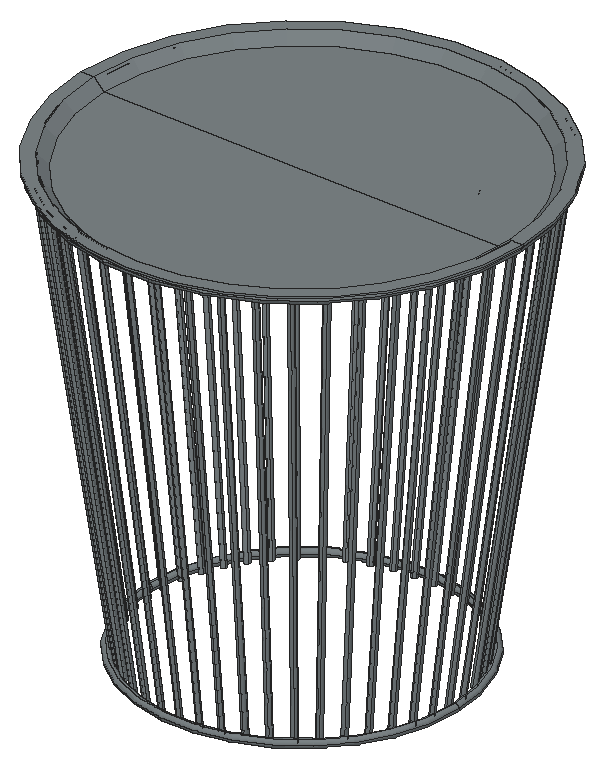
Revit family "FU_Table_Sandler_Noodle 8-2", category Furniture, Revit 2020
Family settings
  OmniClass Number = 23.40.20.00
  OmniClass Title = General Furniture and Specialties
  Work Plane-Based = No
  Always vertical = Yes
  Cut with Voids When Loaded = No
  Shared = No
  Room Calculation Point = No
Parameters (values of type "Noodle 8.2")
  Width = 420 mm
  URL = "https://www.sandlerseating.com/product/noodle-8-2/"
  Model = "Noodle 8.2"
  Manufacturer = "Sandler"
  Height = 420 mm
  Frame [instance] = Metal - Paint -AL VR - Anthracite Grey
  Description = "Coffee table with a steel sheet table top on a steel frame. Suitable for outdoor use with AC VR outdoor colours."
  Depth = 420 mm
  Default Elevation = 0 mm
Reference planes
  plane 1 "Center (Front/Back)": y = 0
  plane 2: z = 0
  plane 3 "Center (Left/Right)": x = 0
  plane 4 "Right": x = -210
  plane 5 "Left": x = 210
  plane 6 "Back": y = 210
  plane 7 "Front": y = -210
  plane 8 "Height": z = 420
  plane 9 "Top Base": z = 408.5
  plane 10 "Top Ring H FRONT": z = 415.018
  plane 11 "Top Ring RAD FRONT": x = -205.25
  plane 12 "Base Ring H FRONT": z = 3.5
  plane 13 "Left Rod FRONT": through (139.885, -1524, 4.067) normal (-0.9896, 0, 0.1436)
Forms (mm)
  Revolve 1, solid, material "Metal - Paint -AL VR - Anthracite Grey" <- "Frame"
    sketch origin (0, 0, 0) x (1, 0, 0) y (0, 0, 1)
      loop
        line (0, 408.642) -> (0, 410.642) -> (-188.337, 410.642) -> (-197.695, 420) -> (-210, 420) -> (-210, 418.505) -> (-198.061, 418.505) -> (-188.198, 408.642) -> (0, 408.642)
      axis (0, 420) -> (0, 408.642)
    angle from 0 to 360
  Sweep 2, solid, material "Metal - Paint -AL VR - Anthracite Grey" <- "Frame"
    path origin (0, 0, 415.018) x (-1, 0, 0) y (0, -1, 0)
      loop
        circle (0, 0) r 205.25
    profile "Pro_Circles : 06mm" origin (0, -205.25, 415.018) x (0, 1, 0) y (0, 0, 1)
      loop
        arc (-2.967, 0.067) -> (-2.167, -2.07) -> (-0.069, -2.967) r 2.901
        arc (-0.069, -2.967) -> (2.119, -2.121) -> (2.967, 0.067) r 2.904
        arc (2.967, 0.067) -> (2.07, 2.165) -> (-0.067, 2.967) r 2.903
        arc (-0.067, 2.967) -> (-2.117, 2.117) -> (-2.967, 0.067) r 2.9
  Extrusion 3, solid, material "Metal - Paint -AL VR - Anthracite Grey" <- "Frame"
    sketch origin (0, 0, 408.5) x (-1, 0, 0) y (0, -1, 0)
      loop
        circle (0, 0) r 136
    from 0 to -5
  Sweep 4, solid, material "Metal - Paint -AL VR - Anthracite Grey" <- "Frame"
    path origin (0, 0, 3.5) x (-1, 0, 0) y (0, -1, 0)
      loop
        circle (0, 0) r 145.756
    profile "Pro_Circles : 07mm" origin (0, -145.756, 3.5) x (0, 1, 0) y (0, 0, 1)
      loop
        arc (-3.467, 0.067) -> (-2.52, -2.424) -> (-0.069, -3.467) r 3.401
        arc (-0.069, -3.467) -> (2.472, -2.474) -> (3.467, 0.067) r 3.403
        arc (3.467, 0.067) -> (2.424, 2.519) -> (-0.067, 3.467) r 3.402
        arc (-0.067, 3.467) -> (-2.471, 2.471) -> (-3.467, 0.067) r 3.4
  Sweep 5, solid, material "Metal - Paint -AL VR - Anthracite Grey" <- "Frame"
    path origin (0, 0, 0) x (1, 0, 0) y (0, 0, 1)
      loop
        line (139.45, 1.071) -> (199.933, 417.984)
    profile "Pro_Circles : 05mm" origin (169.692, 0, 209.528) x (-0.98964, 0, 0.143569) y (0, -1, 0)
      loop
        arc (-2.467, 0.067) -> (-1.814, -1.716) -> (-0.07, -2.467) r 2.401
        arc (-0.07, -2.467) -> (1.766, -1.768) -> (2.467, 0.067) r 2.404
        arc (2.467, 0.067) -> (1.717, 1.812) -> (-0.067, 2.467) r 2.403
        arc (-0.067, 2.467) -> (-1.764, 1.764) -> (-2.467, 0.067) r 2.4
  Sweep 6, solid, material "Metal - Paint -AL VR - Anthracite Grey" <- "Frame"
    path origin (0, 0, 0) x (0.991076, 0.133294, 0) y (0, 0, 1)
      loop
        line (139.45, 1.071) -> (199.933, 417.984)
    profile "Pro_Circles : 05mm" origin (168.177, 22.619, 209.528) x (-0.980809, -0.131913, 0.143569) y (0.133294, -0.991076, 0)
      loop
        arc (-2.467, 0.067) -> (-1.814, -1.716) -> (-0.07, -2.467) r 2.401
        arc (-0.07, -2.467) -> (1.766, -1.768) -> (2.467, 0.067) r 2.404
        arc (2.467, 0.067) -> (1.717, 1.812) -> (-0.067, 2.467) r 2.403
        arc (-0.067, 2.467) -> (-1.764, 1.764) -> (-2.467, 0.067) r 2.4
  Sweep 7, solid, material "Metal - Paint -AL VR - Anthracite Grey" <- "Frame"
    path origin (0, 0, 0) x (0.964465, 0.26421, 0) y (0, 0, 1)
      loop
        line (139.45, 1.071) -> (199.933, 417.984)
    profile "Pro_Circles : 05mm" origin (163.662, 44.834, 209.528) x (-0.954474, -0.261473, 0.143569) y (0.26421, -0.964465, 0)
      loop
        arc (-2.467, 0.067) -> (-1.814, -1.716) -> (-0.07, -2.467) r 2.401
        arc (-0.07, -2.467) -> (1.766, -1.768) -> (2.467, 0.067) r 2.404
        arc (2.467, 0.067) -> (1.717, 1.812) -> (-0.067, 2.467) r 2.403
        arc (-0.067, 2.467) -> (-1.764, 1.764) -> (-2.467, 0.067) r 2.4
  Sweep 8, solid, material "Metal - Paint -AL VR - Anthracite Grey" <- "Frame"
    path origin (0, 0, 0) x (0.920641, 0.39041, 0) y (0, 0, 1)
      loop
        line (139.45, 1.071) -> (199.933, 417.984)
    profile "Pro_Circles : 05mm" origin (156.225, 66.249, 209.528) x (-0.911104, -0.386365, 0.143569) y (0.39041, -0.920641, 0)
      loop
        arc (-2.467, 0.067) -> (-1.814, -1.716) -> (-0.07, -2.467) r 2.401
        arc (-0.07, -2.467) -> (1.766, -1.768) -> (2.467, 0.067) r 2.404
        arc (2.467, 0.067) -> (1.717, 1.812) -> (-0.067, 2.467) r 2.403
        arc (-0.067, 2.467) -> (-1.764, 1.764) -> (-2.467, 0.067) r 2.4
  Sweep 9, solid, material "Metal - Paint -AL VR - Anthracite Grey" <- "Frame"
    path origin (0, 0, 0) x (0.860386, 0.509642, 0) y (0, 0, 1)
      loop
        line (139.45, 1.071) -> (199.933, 417.984)
    profile "Pro_Circles : 05mm" origin (146, 86.482, 209.528) x (-0.851473, -0.504362, 0.143569) y (0.509642, -0.860386, 0)
      loop
        arc (-2.467, 0.067) -> (-1.814, -1.716) -> (-0.07, -2.467) r 2.401
        arc (-0.07, -2.467) -> (1.766, -1.768) -> (2.467, 0.067) r 2.404
        arc (2.467, 0.067) -> (1.717, 1.812) -> (-0.067, 2.467) r 2.403
        arc (-0.067, 2.467) -> (-1.764, 1.764) -> (-2.467, 0.067) r 2.4
  Sweep 10, solid, material "Metal - Paint -AL VR - Anthracite Grey" <- "Frame"
    path origin (0, 0, 0) x (0.784776, 0.619779, 0) y (0, 0, 1)
      loop
        line (139.45, 1.071) -> (199.933, 417.984)
    profile "Pro_Circles : 05mm" origin (133.17, 105.171, 209.528) x (-0.776646, -0.613358, 0.143569) y (0.619779, -0.784776, 0)
      loop
        arc (-2.467, 0.067) -> (-1.814, -1.716) -> (-0.07, -2.467) r 2.401
        arc (-0.07, -2.467) -> (1.766, -1.768) -> (2.467, 0.067) r 2.404
        arc (2.467, 0.067) -> (1.717, 1.812) -> (-0.067, 2.467) r 2.403
        arc (-0.067, 2.467) -> (-1.764, 1.764) -> (-2.467, 0.067) r 2.4
  Sweep 11, solid, material "Metal - Paint -AL VR - Anthracite Grey" <- "Frame"
    path origin (0, 0, 0) x (0.69516, 0.718855, 0) y (0, 0, 1)
      loop
        line (139.45, 1.071) -> (199.933, 417.984)
    profile "Pro_Circles : 05mm" origin (117.963, 121.984, 209.528) x (-0.687959, -0.711408, 0.143569) y (0.718855, -0.69516, 0)
      loop
        arc (-2.467, 0.067) -> (-1.814, -1.716) -> (-0.07, -2.467) r 2.401
        arc (-0.07, -2.467) -> (1.766, -1.768) -> (2.467, 0.067) r 2.404
        arc (2.467, 0.067) -> (1.717, 1.812) -> (-0.067, 2.467) r 2.403
        arc (-0.067, 2.467) -> (-1.764, 1.764) -> (-2.467, 0.067) r 2.4
  Sweep 12, solid, material "Metal - Paint -AL VR - Anthracite Grey" <- "Frame"
    path origin (0, 0, 0) x (0.593138, 0.805101, 0) y (0, 0, 1)
      loop
        line (139.45, 1.071) -> (199.933, 417.984)
    profile "Pro_Circles : 05mm" origin (100.651, 136.619, 209.528) x (-0.586993, -0.79676, 0.143569) y (0.805101, -0.593138, 0)
      loop
        arc (-2.467, 0.067) -> (-1.814, -1.716) -> (-0.07, -2.467) r 2.401
        arc (-0.07, -2.467) -> (1.766, -1.768) -> (2.467, 0.067) r 2.404
        arc (2.467, 0.067) -> (1.717, 1.812) -> (-0.067, 2.467) r 2.403
        arc (-0.067, 2.467) -> (-1.764, 1.764) -> (-2.467, 0.067) r 2.4
  Sweep 13, solid, material "Metal - Paint -AL VR - Anthracite Grey" <- "Frame"
    path origin (0, 0, 0) x (0.48053, 0.876978, 0) y (0, 0, 1)
      loop
        line (139.45, 1.071) -> (199.933, 417.984)
    profile "Pro_Circles : 05mm" origin (81.542, 148.816, 209.528) x (-0.475552, -0.867893, 0.143569) y (0.876978, -0.48053, 0)
      loop
        arc (-2.467, 0.067) -> (-1.814, -1.716) -> (-0.07, -2.467) r 2.401
        arc (-0.07, -2.467) -> (1.766, -1.768) -> (2.467, 0.067) r 2.404
        arc (2.467, 0.067) -> (1.717, 1.812) -> (-0.067, 2.467) r 2.403
        arc (-0.067, 2.467) -> (-1.764, 1.764) -> (-2.467, 0.067) r 2.4
  Sweep 14, solid, material "Metal - Paint -AL VR - Anthracite Grey" <- "Frame"
    path origin (0, 0, 0) x (0.359345, 0.933205, 0) y (0, 0, 1)
      loop
        line (139.45, 1.071) -> (199.933, 417.984)
    profile "Pro_Circles : 05mm" origin (60.978, 158.357, 209.528) x (-0.355623, -0.923537, 0.143569) y (0.933205, -0.359345, 0)
      loop
        arc (-2.467, 0.067) -> (-1.814, -1.716) -> (-0.07, -2.467) r 2.401
        arc (-0.07, -2.467) -> (1.766, -1.768) -> (2.467, 0.067) r 2.404
        arc (2.467, 0.067) -> (1.717, 1.812) -> (-0.067, 2.467) r 2.403
        arc (-0.067, 2.467) -> (-1.764, 1.764) -> (-2.467, 0.067) r 2.4
  Sweep 15, solid, material "Metal - Paint -AL VR - Anthracite Grey" <- "Frame"
    path origin (0, 0, 0) x (0.231748, 0.972776, 0) y (0, 0, 1)
      loop
        line (139.45, 1.071) -> (199.933, 417.984)
    profile "Pro_Circles : 05mm" origin (39.326, 165.072, 209.528) x (-0.229347, -0.962698, 0.143569) y (0.972776, -0.231748, 0)
      loop
        arc (-2.467, 0.067) -> (-1.814, -1.716) -> (-0.07, -2.467) r 2.401
        arc (-0.07, -2.467) -> (1.766, -1.768) -> (2.467, 0.067) r 2.404
        arc (2.467, 0.067) -> (1.717, 1.812) -> (-0.067, 2.467) r 2.403
        arc (-0.067, 2.467) -> (-1.764, 1.764) -> (-2.467, 0.067) r 2.4
  Sweep 16, solid, material "Metal - Paint -AL VR - Anthracite Grey" <- "Frame"
    path origin (0, 0, 0) x (0.100014, 0.994986, 0) y (0, 0, 1)
      loop
        line (139.45, 1.071) -> (199.933, 417.984)
    profile "Pro_Circles : 05mm" origin (16.972, 168.841, 209.528) x (-0.098978, -0.984678, 0.143569) y (0.994986, -0.100014, 0)
      loop
        arc (-2.467, 0.067) -> (-1.814, -1.716) -> (-0.07, -2.467) r 2.401
        arc (-0.07, -2.467) -> (1.766, -1.768) -> (2.467, 0.067) r 2.404
        arc (2.467, 0.067) -> (1.717, 1.812) -> (-0.067, 2.467) r 2.403
        arc (-0.067, 2.467) -> (-1.764, 1.764) -> (-2.467, 0.067) r 2.4
  Sweep 17, solid, material "Metal - Paint -AL VR - Anthracite Grey" <- "Frame"
    path origin (0, 0, 0) x (-0.033504, 0.999439, 0) y (0, 0, 1)
      loop
        line (139.45, 1.071) -> (199.933, 417.984)
    profile "Pro_Circles : 05mm" origin (-5.685, 169.596, 209.528) x (0.033157, -0.989085, 0.143569) y (0.999439, 0.033504, 0)
      loop
        arc (-2.467, 0.067) -> (-1.814, -1.716) -> (-0.07, -2.467) r 2.401
        arc (-0.07, -2.467) -> (1.766, -1.768) -> (2.467, 0.067) r 2.404
        arc (2.467, 0.067) -> (1.717, 1.812) -> (-0.067, 2.467) r 2.403
        arc (-0.067, 2.467) -> (-1.764, 1.764) -> (-2.467, 0.067) r 2.4
  Sweep 18, solid, material "Metal - Paint -AL VR - Anthracite Grey" <- "Frame"
    path origin (0, 0, 0) x (-0.166425, 0.986054, 0) y (0, 0, 1)
      loop
        line (139.45, 1.071) -> (199.933, 417.984)
    profile "Pro_Circles : 05mm" origin (-28.241, 167.325, 209.528) x (0.1647, -0.975839, 0.143569) y (0.986054, 0.166425, 0)
      loop
        arc (-2.467, 0.067) -> (-1.814, -1.716) -> (-0.07, -2.467) r 2.401
        arc (-0.07, -2.467) -> (1.766, -1.768) -> (2.467, 0.067) r 2.404
        arc (2.467, 0.067) -> (1.717, 1.812) -> (-0.067, 2.467) r 2.403
        arc (-0.067, 2.467) -> (-1.764, 1.764) -> (-2.467, 0.067) r 2.4
  Sweep 19, solid, material "Metal - Paint -AL VR - Anthracite Grey" <- "Frame"
    path origin (0, 0, 0) x (-0.296375, 0.955072, 0) y (0, 0, 1)
      loop
        line (139.45, 1.071) -> (199.933, 417.984)
    profile "Pro_Circles : 05mm" origin (-50.292, 162.068, 209.528) x (0.293305, -0.945177, 0.143569) y (0.955072, 0.296375, 0)
      loop
        arc (-2.467, 0.067) -> (-1.814, -1.716) -> (-0.07, -2.467) r 2.401
        arc (-0.07, -2.467) -> (1.766, -1.768) -> (2.467, 0.067) r 2.404
        arc (2.467, 0.067) -> (1.717, 1.812) -> (-0.067, 2.467) r 2.403
        arc (-0.067, 2.467) -> (-1.764, 1.764) -> (-2.467, 0.067) r 2.4
  Sweep 20, solid, material "Metal - Paint -AL VR - Anthracite Grey" <- "Frame"
    path origin (0, 0, 0) x (-0.421036, 0.907044, 0) y (0, 0, 1)
      loop
        line (139.45, 1.071) -> (199.933, 417.984)
    profile "Pro_Circles : 05mm" origin (-71.446, 153.918, 209.528) x (0.416674, -0.897647, 0.143569) y (0.907044, 0.421036, 0)
      loop
        arc (-2.467, 0.067) -> (-1.814, -1.716) -> (-0.07, -2.467) r 2.401
        arc (-0.07, -2.467) -> (1.766, -1.768) -> (2.467, 0.067) r 2.404
        arc (2.467, 0.067) -> (1.717, 1.812) -> (-0.067, 2.467) r 2.403
        arc (-0.067, 2.467) -> (-1.764, 1.764) -> (-2.467, 0.067) r 2.4
  Sweep 21, solid, material "Metal - Paint -AL VR - Anthracite Grey" <- "Frame"
    path origin (0, 0, 0) x (-0.538183, 0.842828, 0) y (0, 0, 1)
      loop
        line (139.45, 1.071) -> (199.933, 417.984)
    profile "Pro_Circles : 05mm" origin (-91.325, 143.021, 209.528) x (0.532607, -0.834097, 0.143569) y (0.842828, 0.538183, 0)
      loop
        arc (-2.467, 0.067) -> (-1.814, -1.716) -> (-0.07, -2.467) r 2.401
        arc (-0.07, -2.467) -> (1.766, -1.768) -> (2.467, 0.067) r 2.404
        arc (2.467, 0.067) -> (1.717, 1.812) -> (-0.067, 2.467) r 2.403
        arc (-0.067, 2.467) -> (-1.764, 1.764) -> (-2.467, 0.067) r 2.4
  Sweep 22, solid, material "Metal - Paint -AL VR - Anthracite Grey" <- "Frame"
    path origin (0, 0, 0) x (-0.645724, 0.763571, 0) y (0, 0, 1)
      loop
        line (139.45, 1.071) -> (199.933, 417.984)
    profile "Pro_Circles : 05mm" origin (-109.574, 129.572, 209.528) x (0.639035, -0.75566, 0.143569) y (0.763571, 0.645724, 0)
      loop
        arc (-2.467, 0.067) -> (-1.814, -1.716) -> (-0.07, -2.467) r 2.401
        arc (-0.07, -2.467) -> (1.766, -1.768) -> (2.467, 0.067) r 2.404
        arc (2.467, 0.067) -> (1.717, 1.812) -> (-0.067, 2.467) r 2.403
        arc (-0.067, 2.467) -> (-1.764, 1.764) -> (-2.467, 0.067) r 2.4
  Sweep 23, solid, material "Metal - Paint -AL VR - Anthracite Grey" <- "Frame"
    path origin (0, 0, 0) x (-0.741742, 0.670686, 0) y (0, 0, 1)
      loop
        line (139.45, 1.071) -> (199.933, 417.984)
    profile "Pro_Circles : 05mm" origin (-125.867, 113.81, 209.528) x (0.734058, -0.663737, 0.143569) y (0.670686, 0.741742, 0)
      loop
        arc (-2.467, 0.067) -> (-1.814, -1.716) -> (-0.07, -2.467) r 2.401
        arc (-0.07, -2.467) -> (1.766, -1.768) -> (2.467, 0.067) r 2.404
        arc (2.467, 0.067) -> (1.717, 1.812) -> (-0.067, 2.467) r 2.403
        arc (-0.067, 2.467) -> (-1.764, 1.764) -> (-2.467, 0.067) r 2.4
  Sweep 24, solid, material "Metal - Paint -AL VR - Anthracite Grey" <- "Frame"
    path origin (0, 0, 0) x (-0.824521, 0.565831, 0) y (0, 0, 1)
      loop
        line (139.45, 1.071) -> (199.933, 417.984)
    profile "Pro_Circles : 05mm" origin (-139.914, 96.017, 209.528) x (0.81598, -0.559969, 0.143569) y (0.565831, 0.824521, 0)
      loop
        arc (-2.467, 0.067) -> (-1.814, -1.716) -> (-0.07, -2.467) r 2.401
        arc (-0.07, -2.467) -> (1.766, -1.768) -> (2.467, 0.067) r 2.404
        arc (2.467, 0.067) -> (1.717, 1.812) -> (-0.067, 2.467) r 2.403
        arc (-0.067, 2.467) -> (-1.764, 1.764) -> (-2.467, 0.067) r 2.4
  Sweep 25, solid, material "Metal - Paint -AL VR - Anthracite Grey" <- "Frame"
    path origin (0, 0, 0) x (-0.892586, 0.450878, 0) y (0, 0, 1)
      loop
        line (139.45, 1.071) -> (199.933, 417.984)
    profile "Pro_Circles : 05mm" origin (-151.464, 76.51, 209.528) x (0.883339, -0.446207, 0.143569) y (0.450878, 0.892586, 0)
      loop
        arc (-2.467, 0.067) -> (-1.814, -1.716) -> (-0.07, -2.467) r 2.401
        arc (-0.07, -2.467) -> (1.766, -1.768) -> (2.467, 0.067) r 2.404
        arc (2.467, 0.067) -> (1.717, 1.812) -> (-0.067, 2.467) r 2.403
        arc (-0.067, 2.467) -> (-1.764, 1.764) -> (-2.467, 0.067) r 2.4
  Sweep 26, solid, material "Metal - Paint -AL VR - Anthracite Grey" <- "Frame"
    path origin (0, 0, 0) x (-0.94472, 0.327878, 0) y (0, 0, 1)
      loop
        line (139.45, 1.071) -> (199.933, 417.984)
    profile "Pro_Circles : 05mm" origin (-160.311, 55.638, 209.528) x (0.934933, -0.324481, 0.143569) y (0.327878, 0.94472, 0)
      loop
        arc (-2.467, 0.067) -> (-1.814, -1.716) -> (-0.07, -2.467) r 2.401
        arc (-0.07, -2.467) -> (1.766, -1.768) -> (2.467, 0.067) r 2.404
        arc (2.467, 0.067) -> (1.717, 1.812) -> (-0.067, 2.467) r 2.403
        arc (-0.067, 2.467) -> (-1.764, 1.764) -> (-2.467, 0.067) r 2.4
  Sweep 27, solid, material "Metal - Paint -AL VR - Anthracite Grey" <- "Frame"
    path origin (0, 0, 0) x (-0.979994, 0.199026, 0) y (0, 0, 1)
      loop
        line (139.45, 1.071) -> (199.933, 417.984)
    profile "Pro_Circles : 05mm" origin (-166.297, 33.773, 209.528) x (0.969842, -0.196964, 0.143569) y (0.199026, 0.979994, 0)
      loop
        arc (-2.467, 0.067) -> (-1.814, -1.716) -> (-0.07, -2.467) r 2.401
        arc (-0.07, -2.467) -> (1.766, -1.768) -> (2.467, 0.067) r 2.404
        arc (2.467, 0.067) -> (1.717, 1.812) -> (-0.067, 2.467) r 2.403
        arc (-0.067, 2.467) -> (-1.764, 1.764) -> (-2.467, 0.067) r 2.4
  Sweep 28, solid, material "Metal - Paint -AL VR - Anthracite Grey" <- "Frame"
    path origin (0, 0, 0) x (-0.997778, 0.066622, 0) y (0, 0, 1)
      loop
        line (139.45, 1.071) -> (199.933, 417.984)
    profile "Pro_Circles : 05mm" origin (-169.315, 11.305, 209.528) x (0.987442, -0.065932, 0.143569) y (0.066622, 0.997778, 0)
      loop
        arc (-2.467, 0.067) -> (-1.814, -1.716) -> (-0.07, -2.467) r 2.401
        arc (-0.07, -2.467) -> (1.766, -1.768) -> (2.467, 0.067) r 2.404
        arc (2.467, 0.067) -> (1.717, 1.812) -> (-0.067, 2.467) r 2.403
        arc (-0.067, 2.467) -> (-1.764, 1.764) -> (-2.467, 0.067) r 2.4
  Sweep 29, solid, material "Metal - Paint -AL VR - Anthracite Grey" <- "Frame"
    path origin (0, 0, 0) x (-0.997755, -0.06697, 0) y (0, 0, 1)
      loop
        line (139.45, 1.071) -> (199.933, 417.984)
    profile "Pro_Circles : 05mm" origin (-169.311, -11.364, 209.528) x (0.987419, 0.066277, 0.143569) y (-0.06697, 0.997755, 0)
      loop
        arc (-2.467, 0.067) -> (-1.814, -1.716) -> (-0.07, -2.467) r 2.401
        arc (-0.07, -2.467) -> (1.766, -1.768) -> (2.467, 0.067) r 2.404
        arc (2.467, 0.067) -> (1.717, 1.812) -> (-0.067, 2.467) r 2.403
        arc (-0.067, 2.467) -> (-1.764, 1.764) -> (-2.467, 0.067) r 2.4
  Sweep 30, solid, material "Metal - Paint -AL VR - Anthracite Grey" <- "Frame"
    path origin (0, 0, 0) x (-0.979925, -0.199368, 0) y (0, 0, 1)
      loop
        line (139.45, 1.071) -> (199.933, 417.984)
    profile "Pro_Circles : 05mm" origin (-166.285, -33.831, 209.528) x (0.969773, 0.197303, 0.143569) y (-0.199368, 0.979925, 0)
      loop
        arc (-2.467, 0.067) -> (-1.814, -1.716) -> (-0.07, -2.467) r 2.401
        arc (-0.07, -2.467) -> (1.766, -1.768) -> (2.467, 0.067) r 2.404
        arc (2.467, 0.067) -> (1.717, 1.812) -> (-0.067, 2.467) r 2.403
        arc (-0.067, 2.467) -> (-1.764, 1.764) -> (-2.467, 0.067) r 2.4
  Sweep 31, solid, material "Metal - Paint -AL VR - Anthracite Grey" <- "Frame"
    path origin (0, 0, 0) x (-0.944606, -0.328207, 0) y (0, 0, 1)
      loop
        line (139.45, 1.071) -> (199.933, 417.984)
    profile "Pro_Circles : 05mm" origin (-160.292, -55.694, 209.528) x (0.93482, 0.324807, 0.143569) y (-0.328207, 0.944606, 0)
      loop
        arc (-2.467, 0.067) -> (-1.814, -1.716) -> (-0.07, -2.467) r 2.401
        arc (-0.07, -2.467) -> (1.766, -1.768) -> (2.467, 0.067) r 2.404
        arc (2.467, 0.067) -> (1.717, 1.812) -> (-0.067, 2.467) r 2.403
        arc (-0.067, 2.467) -> (-1.764, 1.764) -> (-2.467, 0.067) r 2.4
  Sweep 32, solid, material "Metal - Paint -AL VR - Anthracite Grey" <- "Frame"
    path origin (0, 0, 0) x (-0.892428, -0.451189, 0) y (0, 0, 1)
      loop
        line (139.45, 1.071) -> (199.933, 417.984)
    profile "Pro_Circles : 05mm" origin (-151.438, -76.563, 209.528) x (0.883183, 0.446515, 0.143569) y (-0.451189, 0.892428, 0)
      loop
        arc (-2.467, 0.067) -> (-1.814, -1.716) -> (-0.07, -2.467) r 2.401
        arc (-0.07, -2.467) -> (1.766, -1.768) -> (2.467, 0.067) r 2.404
        arc (2.467, 0.067) -> (1.717, 1.812) -> (-0.067, 2.467) r 2.403
        arc (-0.067, 2.467) -> (-1.764, 1.764) -> (-2.467, 0.067) r 2.4
  Sweep 33, solid, material "Metal - Paint -AL VR - Anthracite Grey" <- "Frame"
    path origin (0, 0, 0) x (-0.824324, -0.566119, 0) y (0, 0, 1)
      loop
        line (139.45, 1.071) -> (199.933, 417.984)
    profile "Pro_Circles : 05mm" origin (-139.881, -96.066, 209.528) x (0.815784, 0.560254, 0.143569) y (-0.566119, 0.824324, 0)
      loop
        arc (-2.467, 0.067) -> (-1.814, -1.716) -> (-0.07, -2.467) r 2.401
        arc (-0.07, -2.467) -> (1.766, -1.768) -> (2.467, 0.067) r 2.404
        arc (2.467, 0.067) -> (1.717, 1.812) -> (-0.067, 2.467) r 2.403
        arc (-0.067, 2.467) -> (-1.764, 1.764) -> (-2.467, 0.067) r 2.4
  Sweep 34, solid, material "Metal - Paint -AL VR - Anthracite Grey" <- "Frame"
    path origin (0, 0, 0) x (-0.741508, -0.670944, 0) y (0, 0, 1)
      loop
        line (139.45, 1.071) -> (199.933, 417.984)
    profile "Pro_Circles : 05mm" origin (-125.828, -113.854, 209.528) x (0.733826, 0.663994, 0.143569) y (-0.670944, 0.741508, 0)
      loop
        arc (-2.467, 0.067) -> (-1.814, -1.716) -> (-0.07, -2.467) r 2.401
        arc (-0.07, -2.467) -> (1.766, -1.768) -> (2.467, 0.067) r 2.404
        arc (2.467, 0.067) -> (1.717, 1.812) -> (-0.067, 2.467) r 2.403
        arc (-0.067, 2.467) -> (-1.764, 1.764) -> (-2.467, 0.067) r 2.4
  Sweep 35, solid, material "Metal - Paint -AL VR - Anthracite Grey" <- "Frame"
    path origin (0, 0, 0) x (-0.645458, -0.763796, 0) y (0, 0, 1)
      loop
        line (139.45, 1.071) -> (199.933, 417.984)
    profile "Pro_Circles : 05mm" origin (-109.529, -129.61, 209.528) x (0.638771, 0.755883, 0.143569) y (-0.763796, 0.645458, 0)
      loop
        arc (-2.467, 0.067) -> (-1.814, -1.716) -> (-0.07, -2.467) r 2.401
        arc (-0.07, -2.467) -> (1.766, -1.768) -> (2.467, 0.067) r 2.404
        arc (2.467, 0.067) -> (1.717, 1.812) -> (-0.067, 2.467) r 2.403
        arc (-0.067, 2.467) -> (-1.764, 1.764) -> (-2.467, 0.067) r 2.4
  Sweep 36, solid, material "Metal - Paint -AL VR - Anthracite Grey" <- "Frame"
    path origin (0, 0, 0) x (-0.537888, -0.843016, 0) y (0, 0, 1)
      loop
        line (139.45, 1.071) -> (199.933, 417.984)
    profile "Pro_Circles : 05mm" origin (-91.275, -143.053, 209.528) x (0.532316, 0.834283, 0.143569) y (-0.843016, 0.537888, 0)
      loop
        arc (-2.467, 0.067) -> (-1.814, -1.716) -> (-0.07, -2.467) r 2.401
        arc (-0.07, -2.467) -> (1.766, -1.768) -> (2.467, 0.067) r 2.404
        arc (2.467, 0.067) -> (1.717, 1.812) -> (-0.067, 2.467) r 2.403
        arc (-0.067, 2.467) -> (-1.764, 1.764) -> (-2.467, 0.067) r 2.4
  Sweep 37, solid, material "Metal - Paint -AL VR - Anthracite Grey" <- "Frame"
    path origin (0, 0, 0) x (-0.420719, -0.907191, 0) y (0, 0, 1)
      loop
        line (139.45, 1.071) -> (199.933, 417.984)
    profile "Pro_Circles : 05mm" origin (-71.393, -153.943, 209.528) x (0.416361, 0.897793, 0.143569) y (-0.907191, 0.420719, 0)
      loop
        arc (-2.467, 0.067) -> (-1.814, -1.716) -> (-0.07, -2.467) r 2.401
        arc (-0.07, -2.467) -> (1.766, -1.768) -> (2.467, 0.067) r 2.404
        arc (2.467, 0.067) -> (1.717, 1.812) -> (-0.067, 2.467) r 2.403
        arc (-0.067, 2.467) -> (-1.764, 1.764) -> (-2.467, 0.067) r 2.4
  Sweep 38, solid, material "Metal - Paint -AL VR - Anthracite Grey" <- "Frame"
    path origin (0, 0, 0) x (-0.296041, -0.955175, 0) y (0, 0, 1)
      loop
        line (139.45, 1.071) -> (199.933, 417.984)
    profile "Pro_Circles : 05mm" origin (-50.236, -162.085, 209.528) x (0.292975, 0.94528, 0.143569) y (-0.955175, 0.296041, 0)
      loop
        arc (-2.467, 0.067) -> (-1.814, -1.716) -> (-0.07, -2.467) r 2.401
        arc (-0.07, -2.467) -> (1.766, -1.768) -> (2.467, 0.067) r 2.404
        arc (2.467, 0.067) -> (1.717, 1.812) -> (-0.067, 2.467) r 2.403
        arc (-0.067, 2.467) -> (-1.764, 1.764) -> (-2.467, 0.067) r 2.4
  Sweep 39, solid, material "Metal - Paint -AL VR - Anthracite Grey" <- "Frame"
    path origin (0, 0, 0) x (-0.16608, -0.986112, 0) y (0, 0, 1)
      loop
        line (139.45, 1.071) -> (199.933, 417.984)
    profile "Pro_Circles : 05mm" origin (-28.182, -167.335, 209.528) x (0.16436, 0.975896, 0.143569) y (-0.986112, 0.16608, 0)
      loop
        arc (-2.467, 0.067) -> (-1.814, -1.716) -> (-0.07, -2.467) r 2.401
        arc (-0.07, -2.467) -> (1.766, -1.768) -> (2.467, 0.067) r 2.404
        arc (2.467, 0.067) -> (1.717, 1.812) -> (-0.067, 2.467) r 2.403
        arc (-0.067, 2.467) -> (-1.764, 1.764) -> (-2.467, 0.067) r 2.4
  Sweep 40, solid, material "Metal - Paint -AL VR - Anthracite Grey" <- "Frame"
    path origin (0, 0, 0) x (-0.033155, -0.99945, 0) y (0, 0, 1)
      loop
        line (139.45, 1.071) -> (199.933, 417.984)
    profile "Pro_Circles : 05mm" origin (-5.626, -169.598, 209.528) x (0.032812, 0.989096, 0.143569) y (-0.99945, 0.033155, 0)
      loop
        arc (-2.467, 0.067) -> (-1.814, -1.716) -> (-0.07, -2.467) r 2.401
        arc (-0.07, -2.467) -> (1.766, -1.768) -> (2.467, 0.067) r 2.404
        arc (2.467, 0.067) -> (1.717, 1.812) -> (-0.067, 2.467) r 2.403
        arc (-0.067, 2.467) -> (-1.764, 1.764) -> (-2.467, 0.067) r 2.4
  Sweep 41, solid, material "Metal - Paint -AL VR - Anthracite Grey" <- "Frame"
    path origin (0, 0, 0) x (0.100362, -0.994951, 0) y (0, 0, 1)
      loop
        line (139.45, 1.071) -> (199.933, 417.984)
    profile "Pro_Circles : 05mm" origin (17.031, -168.835, 209.528) x (-0.099322, 0.984644, 0.143569) y (-0.994951, -0.100362, 0)
      loop
        arc (-2.467, 0.067) -> (-1.814, -1.716) -> (-0.07, -2.467) r 2.401
        arc (-0.07, -2.467) -> (1.766, -1.768) -> (2.467, 0.067) r 2.404
        arc (2.467, 0.067) -> (1.717, 1.812) -> (-0.067, 2.467) r 2.403
        arc (-0.067, 2.467) -> (-1.764, 1.764) -> (-2.467, 0.067) r 2.4
  Sweep 42, solid, material "Metal - Paint -AL VR - Anthracite Grey" <- "Frame"
    path origin (0, 0, 0) x (0.232087, -0.972695, 0) y (0, 0, 1)
      loop
        line (139.45, 1.071) -> (199.933, 417.984)
    profile "Pro_Circles : 05mm" origin (39.383, -165.058, 209.528) x (-0.229683, 0.962618, 0.143569) y (-0.972695, -0.232087, 0)
      loop
        arc (-2.467, 0.067) -> (-1.814, -1.716) -> (-0.07, -2.467) r 2.401
        arc (-0.07, -2.467) -> (1.766, -1.768) -> (2.467, 0.067) r 2.404
        arc (2.467, 0.067) -> (1.717, 1.812) -> (-0.067, 2.467) r 2.403
        arc (-0.067, 2.467) -> (-1.764, 1.764) -> (-2.467, 0.067) r 2.4
  Sweep 43, solid, material "Metal - Paint -AL VR - Anthracite Grey" <- "Frame"
    path origin (0, 0, 0) x (0.359671, -0.933079, 0) y (0, 0, 1)
      loop
        line (139.45, 1.071) -> (199.933, 417.984)
    profile "Pro_Circles : 05mm" origin (61.033, -158.336, 209.528) x (-0.355945, 0.923413, 0.143569) y (-0.933079, -0.359671, 0)
      loop
        arc (-2.467, 0.067) -> (-1.814, -1.716) -> (-0.07, -2.467) r 2.401
        arc (-0.07, -2.467) -> (1.766, -1.768) -> (2.467, 0.067) r 2.404
        arc (2.467, 0.067) -> (1.717, 1.812) -> (-0.067, 2.467) r 2.403
        arc (-0.067, 2.467) -> (-1.764, 1.764) -> (-2.467, 0.067) r 2.4
  Sweep 44, solid, material "Metal - Paint -AL VR - Anthracite Grey" <- "Frame"
    path origin (0, 0, 0) x (0.480836, -0.876811, 0) y (0, 0, 1)
      loop
        line (139.45, 1.071) -> (199.933, 417.984)
    profile "Pro_Circles : 05mm" origin (81.594, -148.787, 209.528) x (-0.475854, 0.867727, 0.143569) y (-0.876811, -0.480836, 0)
      loop
        arc (-2.467, 0.067) -> (-1.814, -1.716) -> (-0.07, -2.467) r 2.401
        arc (-0.07, -2.467) -> (1.766, -1.768) -> (2.467, 0.067) r 2.404
        arc (2.467, 0.067) -> (1.717, 1.812) -> (-0.067, 2.467) r 2.403
        arc (-0.067, 2.467) -> (-1.764, 1.764) -> (-2.467, 0.067) r 2.4
  Sweep 45, solid, material "Metal - Paint -AL VR - Anthracite Grey" <- "Frame"
    path origin (0, 0, 0) x (0.593419, -0.804894, 0) y (0, 0, 1)
      loop
        line (139.45, 1.071) -> (199.933, 417.984)
    profile "Pro_Circles : 05mm" origin (100.698, -136.584, 209.528) x (-0.587271, 0.796555, 0.143569) y (-0.804894, -0.593419, 0)
      loop
        arc (-2.467, 0.067) -> (-1.814, -1.716) -> (-0.07, -2.467) r 2.401
        arc (-0.07, -2.467) -> (1.766, -1.768) -> (2.467, 0.067) r 2.404
        arc (2.467, 0.067) -> (1.717, 1.812) -> (-0.067, 2.467) r 2.403
        arc (-0.067, 2.467) -> (-1.764, 1.764) -> (-2.467, 0.067) r 2.4
  Sweep 46, solid, material "Metal - Paint -AL VR - Anthracite Grey" <- "Frame"
    path origin (0, 0, 0) x (0.695411, -0.718612, 0) y (0, 0, 1)
      loop
        line (139.45, 1.071) -> (199.933, 417.984)
    profile "Pro_Circles : 05mm" origin (118.005, -121.942, 209.528) x (-0.688207, 0.711167, 0.143569) y (-0.718612, -0.695411, 0)
      loop
        arc (-2.467, 0.067) -> (-1.814, -1.716) -> (-0.07, -2.467) r 2.401
        arc (-0.07, -2.467) -> (1.766, -1.768) -> (2.467, 0.067) r 2.404
        arc (2.467, 0.067) -> (1.717, 1.812) -> (-0.067, 2.467) r 2.403
        arc (-0.067, 2.467) -> (-1.764, 1.764) -> (-2.467, 0.067) r 2.4
  Sweep 47, solid, material "Metal - Paint -AL VR - Anthracite Grey" <- "Frame"
    path origin (0, 0, 0) x (0.784993, -0.619505, 0) y (0, 0, 1)
      loop
        line (139.45, 1.071) -> (199.933, 417.984)
    profile "Pro_Circles : 05mm" origin (133.207, -105.125, 209.528) x (-0.77686, 0.613087, 0.143569) y (-0.619505, -0.784993, 0)
      loop
        arc (-2.467, 0.067) -> (-1.814, -1.716) -> (-0.07, -2.467) r 2.401
        arc (-0.07, -2.467) -> (1.766, -1.768) -> (2.467, 0.067) r 2.404
        arc (2.467, 0.067) -> (1.717, 1.812) -> (-0.067, 2.467) r 2.403
        arc (-0.067, 2.467) -> (-1.764, 1.764) -> (-2.467, 0.067) r 2.4
  Sweep 48, solid, material "Metal - Paint -AL VR - Anthracite Grey" <- "Frame"
    path origin (0, 0, 0) x (0.860564, -0.509342, 0) y (0, 0, 1)
      loop
        line (139.45, 1.071) -> (199.933, 417.984)
    profile "Pro_Circles : 05mm" origin (146.031, -86.431, 209.528) x (-0.851649, 0.504065, 0.143569) y (-0.509342, -0.860564, 0)
      loop
        arc (-2.467, 0.067) -> (-1.814, -1.716) -> (-0.07, -2.467) r 2.401
        arc (-0.07, -2.467) -> (1.766, -1.768) -> (2.467, 0.067) r 2.404
        arc (2.467, 0.067) -> (1.717, 1.812) -> (-0.067, 2.467) r 2.403
        arc (-0.067, 2.467) -> (-1.764, 1.764) -> (-2.467, 0.067) r 2.4
  Sweep 49, solid, material "Metal - Paint -AL VR - Anthracite Grey" <- "Frame"
    path origin (0, 0, 0) x (0.920777, -0.390088, 0) y (0, 0, 1)
      loop
        line (139.45, 1.071) -> (199.933, 417.984)
    profile "Pro_Circles : 05mm" origin (156.248, -66.195, 209.528) x (-0.911238, 0.386047, 0.143569) y (-0.390088, -0.920777, 0)
      loop
        arc (-2.467, 0.067) -> (-1.814, -1.716) -> (-0.07, -2.467) r 2.401
        arc (-0.07, -2.467) -> (1.766, -1.768) -> (2.467, 0.067) r 2.404
        arc (2.467, 0.067) -> (1.717, 1.812) -> (-0.067, 2.467) r 2.403
        arc (-0.067, 2.467) -> (-1.764, 1.764) -> (-2.467, 0.067) r 2.4
  Sweep 50, solid, material "Metal - Paint -AL VR - Anthracite Grey" <- "Frame"
    path origin (0, 0, 0) x (0.964557, -0.263873, 0) y (0, 0, 1)
      loop
        line (139.45, 1.071) -> (199.933, 417.984)
    profile "Pro_Circles : 05mm" origin (163.677, -44.777, 209.528) x (-0.954565, 0.261139, 0.143569) y (-0.263873, -0.964557, 0)
      loop
        arc (-2.467, 0.067) -> (-1.814, -1.716) -> (-0.07, -2.467) r 2.401
        arc (-0.07, -2.467) -> (1.766, -1.768) -> (2.467, 0.067) r 2.404
        arc (2.467, 0.067) -> (1.717, 1.812) -> (-0.067, 2.467) r 2.403
        arc (-0.067, 2.467) -> (-1.764, 1.764) -> (-2.467, 0.067) r 2.4
  Sweep 51, solid, material "Metal - Paint -AL VR - Anthracite Grey" <- "Frame"
    path origin (0, 0, 0) x (0.991123, -0.132948, 0) y (0, 0, 1)
      loop
        line (139.45, 1.071) -> (199.933, 417.984)
    profile "Pro_Circles : 05mm" origin (168.185, -22.56, 209.528) x (-0.980855, 0.131571, 0.143569) y (-0.132948, -0.991123, 0)
      loop
        arc (-2.467, 0.067) -> (-1.814, -1.716) -> (-0.07, -2.467) r 2.401
        arc (-0.07, -2.467) -> (1.766, -1.768) -> (2.467, 0.067) r 2.404
        arc (2.467, 0.067) -> (1.717, 1.812) -> (-0.067, 2.467) r 2.403
        arc (-0.067, 2.467) -> (-1.764, 1.764) -> (-2.467, 0.067) r 2.4
Dimensions and locks
  equal spacing: plane 4 "Right", plane 3 "Center (Left/Right)", plane 5 "Left"
  "Width": plane 4 "Right" to plane 5 "Left"
  equal spacing: plane 6 "Back", plane 1 "Center (Front/Back)", plane 7 "Front"
  "Depth": plane 6 "Back" to plane 7 "Front"
  "Height": plane 8 "Height" to level
  plane 8 "Height" to plane 9 "Top Base" = 11.5 mm
  locked: plane 4 "Right" to plane 11 "Top Ring RAD FRONT" at 4.75
  Revolve 1 to plane 10 "Top Ring H FRONT" = 3.488 mm
  aligned and locked: level to plane 2
Automatic sketch dimensions
  plane 4 "Right" to Revolve 1 sketch curve = 0 mm
  Revolve 1 sketch curve to plane 8 "Height" = 0 mm
  Revolve 1 sketch curve to plane 3 "Center (Left/Right)" = 0 mm  (x2)
  Revolve 1 sketch curve to plane 8 "Height" = 1.495 mm
  Revolve 1 sketch curve to plane 11 "Top Ring RAD FRONT" = 7.189 mm
  Revolve 1 sketch curve to Revolve 1 sketch curve = 0.366 mm
  plane 9 "Top Base" to Revolve 1 sketch curve = 2.142 mm
  Revolve 1 sketch curve to Revolve 1 sketch curve = 9.724 mm
  plane 9 "Top Base" to Revolve 1 sketch curve = 0.142 mm
  Revolve 1 sketch curve to Revolve 1 sketch curve = 0.139 mm
  Revolve 1 sketch curve to plane 9 "Top Base" = 15.242 mm
  plane 8 "Height" to Revolve 1 sketch curve = 15 mm
  plane 1 "Center (Front/Back)" to Sweep 2 sketch curve = 0 mm
  Sweep 2 sketch curve to plane 3 "Center (Left/Right)" = 0 mm
  plane 1 "Center (Front/Back)" to Extrusion 3 sketch curve = 0 mm
  Extrusion 3 sketch curve to plane 3 "Center (Left/Right)" = 0 mm
  plane 1 "Center (Front/Back)" to Sweep 4 sketch curve = 0 mm
  Sweep 4 sketch curve to plane 3 "Center (Left/Right)" = 0 mm
  Sweep 5 sketch curve to Sweep 5 sketch curve = 60.482 mm
  Sweep 5 sketch curve to Sweep 5 sketch curve = 416.913 mm
  Sweep 6 sketch curve to Sweep 6 sketch curve = 60.482 mm
  Sweep 6 sketch curve to Sweep 6 sketch curve = 416.913 mm
  Sweep 7 sketch curve to Sweep 7 sketch curve = 60.482 mm
  Sweep 7 sketch curve to Sweep 7 sketch curve = 416.913 mm
  Sweep 8 sketch curve to Sweep 8 sketch curve = 60.482 mm
  Sweep 8 sketch curve to Sweep 8 sketch curve = 416.913 mm
  Sweep 9 sketch curve to Sweep 9 sketch curve = 60.482 mm
  Sweep 9 sketch curve to Sweep 9 sketch curve = 416.913 mm
  Sweep 10 sketch curve to Sweep 10 sketch curve = 60.482 mm
  Sweep 10 sketch curve to Sweep 10 sketch curve = 416.913 mm
  Sweep 11 sketch curve to Sweep 11 sketch curve = 60.482 mm
  Sweep 11 sketch curve to Sweep 11 sketch curve = 416.913 mm
  Sweep 12 sketch curve to Sweep 12 sketch curve = 60.482 mm
  Sweep 12 sketch curve to Sweep 12 sketch curve = 416.913 mm
  Sweep 13 sketch curve to Sweep 13 sketch curve = 60.482 mm
  Sweep 13 sketch curve to Sweep 13 sketch curve = 416.913 mm
  Sweep 14 sketch curve to Sweep 14 sketch curve = 60.482 mm
  Sweep 14 sketch curve to Sweep 14 sketch curve = 416.913 mm
  Sweep 15 sketch curve to Sweep 15 sketch curve = 60.482 mm
  Sweep 15 sketch curve to Sweep 15 sketch curve = 416.913 mm
  Sweep 16 sketch curve to Sweep 16 sketch curve = 60.482 mm
  Sweep 16 sketch curve to Sweep 16 sketch curve = 416.913 mm
  Sweep 17 sketch curve to Sweep 17 sketch curve = 60.482 mm
  Sweep 17 sketch curve to Sweep 17 sketch curve = 416.913 mm
  Sweep 18 sketch curve to Sweep 18 sketch curve = 60.482 mm
  Sweep 18 sketch curve to Sweep 18 sketch curve = 416.913 mm
  Sweep 19 sketch curve to Sweep 19 sketch curve = 60.482 mm
  Sweep 19 sketch curve to Sweep 19 sketch curve = 416.913 mm
  Sweep 20 sketch curve to Sweep 20 sketch curve = 60.482 mm
  Sweep 20 sketch curve to Sweep 20 sketch curve = 416.913 mm
  Sweep 21 sketch curve to Sweep 21 sketch curve = 60.482 mm
  Sweep 21 sketch curve to Sweep 21 sketch curve = 416.913 mm
  Sweep 22 sketch curve to Sweep 22 sketch curve = 60.482 mm
  Sweep 22 sketch curve to Sweep 22 sketch curve = 416.913 mm
  Sweep 23 sketch curve to Sweep 23 sketch curve = 60.482 mm
  Sweep 23 sketch curve to Sweep 23 sketch curve = 416.913 mm
  Sweep 24 sketch curve to Sweep 24 sketch curve = 60.482 mm
  Sweep 24 sketch curve to Sweep 24 sketch curve = 416.913 mm
  Sweep 25 sketch curve to Sweep 25 sketch curve = 60.482 mm
  Sweep 25 sketch curve to Sweep 25 sketch curve = 416.913 mm
  Sweep 26 sketch curve to Sweep 26 sketch curve = 60.482 mm
  Sweep 26 sketch curve to Sweep 26 sketch curve = 416.913 mm
  Sweep 27 sketch curve to Sweep 27 sketch curve = 60.482 mm
  Sweep 27 sketch curve to Sweep 27 sketch curve = 416.913 mm
  Sweep 28 sketch curve to Sweep 28 sketch curve = 60.482 mm
  Sweep 28 sketch curve to Sweep 28 sketch curve = 416.913 mm
  Sweep 29 sketch curve to Sweep 29 sketch curve = 60.482 mm
  Sweep 29 sketch curve to Sweep 29 sketch curve = 416.913 mm
  Sweep 30 sketch curve to Sweep 30 sketch curve = 60.482 mm
  Sweep 30 sketch curve to Sweep 30 sketch curve = 416.913 mm
  Sweep 31 sketch curve to Sweep 31 sketch curve = 60.482 mm
  Sweep 31 sketch curve to Sweep 31 sketch curve = 416.913 mm
  Sweep 32 sketch curve to Sweep 32 sketch curve = 60.482 mm
  Sweep 32 sketch curve to Sweep 32 sketch curve = 416.913 mm
  Sweep 33 sketch curve to Sweep 33 sketch curve = 60.482 mm
  Sweep 33 sketch curve to Sweep 33 sketch curve = 416.913 mm
  Sweep 34 sketch curve to Sweep 34 sketch curve = 60.482 mm
  Sweep 34 sketch curve to Sweep 34 sketch curve = 416.913 mm
  Sweep 35 sketch curve to Sweep 35 sketch curve = 60.482 mm
  Sweep 35 sketch curve to Sweep 35 sketch curve = 416.913 mm
  Sweep 36 sketch curve to Sweep 36 sketch curve = 60.482 mm
  Sweep 36 sketch curve to Sweep 36 sketch curve = 416.913 mm
  Sweep 37 sketch curve to Sweep 37 sketch curve = 60.482 mm
  Sweep 37 sketch curve to Sweep 37 sketch curve = 416.913 mm
  Sweep 38 sketch curve to Sweep 38 sketch curve = 60.482 mm
  Sweep 38 sketch curve to Sweep 38 sketch curve = 416.913 mm
  Sweep 39 sketch curve to Sweep 39 sketch curve = 60.482 mm
  Sweep 39 sketch curve to Sweep 39 sketch curve = 416.913 mm
  Sweep 40 sketch curve to Sweep 40 sketch curve = 60.482 mm
  Sweep 40 sketch curve to Sweep 40 sketch curve = 416.913 mm
  Sweep 41 sketch curve to Sweep 41 sketch curve = 60.482 mm
  Sweep 41 sketch curve to Sweep 41 sketch curve = 416.913 mm
  Sweep 42 sketch curve to Sweep 42 sketch curve = 60.482 mm
  Sweep 42 sketch curve to Sweep 42 sketch curve = 416.913 mm
  Sweep 43 sketch curve to Sweep 43 sketch curve = 60.482 mm
  Sweep 43 sketch curve to Sweep 43 sketch curve = 416.913 mm
  Sweep 44 sketch curve to Sweep 44 sketch curve = 60.482 mm
  Sweep 44 sketch curve to Sweep 44 sketch curve = 416.913 mm
  Sweep 45 sketch curve to Sweep 45 sketch curve = 60.482 mm
  Sweep 45 sketch curve to Sweep 45 sketch curve = 416.913 mm
  Sweep 46 sketch curve to Sweep 46 sketch curve = 60.482 mm
  Sweep 46 sketch curve to Sweep 46 sketch curve = 416.913 mm
  Sweep 47 sketch curve to Sweep 47 sketch curve = 60.482 mm
  Sweep 47 sketch curve to Sweep 47 sketch curve = 416.913 mm
  Sweep 48 sketch curve to Sweep 48 sketch curve = 60.482 mm
  Sweep 48 sketch curve to Sweep 48 sketch curve = 416.913 mm
  Sweep 49 sketch curve to Sweep 49 sketch curve = 60.482 mm
  Sweep 49 sketch curve to Sweep 49 sketch curve = 416.913 mm
  Sweep 50 sketch curve to Sweep 50 sketch curve = 60.482 mm
  Sweep 50 sketch curve to Sweep 50 sketch curve = 416.913 mm
  Sweep 51 sketch curve to Sweep 51 sketch curve = 60.482 mm
  Sweep 51 sketch curve to Sweep 51 sketch curve = 416.913 mm
  plane 13 "Left Rod FRONT" to Sweep 5 sketch curve = 0 mm
  level to Sweep 5 sketch curve = 1.071 mm
  level to Sweep 6 sketch curve = 1.071 mm
  level to Sweep 7 sketch curve = 1.071 mm
  level to Sweep 8 sketch curve = 1.071 mm
  level to Sweep 9 sketch curve = 1.071 mm
  level to Sweep 10 sketch curve = 1.071 mm
  level to Sweep 11 sketch curve = 1.071 mm
  level to Sweep 12 sketch curve = 1.071 mm
  level to Sweep 13 sketch curve = 1.071 mm
  level to Sweep 14 sketch curve = 1.071 mm
  level to Sweep 15 sketch curve = 1.071 mm
  level to Sweep 16 sketch curve = 1.071 mm
  level to Sweep 17 sketch curve = 1.071 mm
  level to Sweep 18 sketch curve = 1.071 mm
  level to Sweep 19 sketch curve = 1.071 mm
  level to Sweep 20 sketch curve = 1.071 mm
  level to Sweep 21 sketch curve = 1.071 mm
  level to Sweep 22 sketch curve = 1.071 mm
  level to Sweep 23 sketch curve = 1.071 mm
  level to Sweep 24 sketch curve = 1.071 mm
  level to Sweep 25 sketch curve = 1.071 mm
  level to Sweep 26 sketch curve = 1.071 mm
  level to Sweep 27 sketch curve = 1.071 mm
  level to Sweep 28 sketch curve = 1.071 mm
  level to Sweep 29 sketch curve = 1.071 mm
  level to Sweep 30 sketch curve = 1.071 mm
  level to Sweep 31 sketch curve = 1.071 mm
  level to Sweep 32 sketch curve = 1.071 mm
  level to Sweep 33 sketch curve = 1.071 mm
  level to Sweep 34 sketch curve = 1.071 mm
  level to Sweep 35 sketch curve = 1.071 mm
  level to Sweep 36 sketch curve = 1.071 mm
  level to Sweep 37 sketch curve = 1.071 mm
  level to Sweep 38 sketch curve = 1.071 mm
  level to Sweep 39 sketch curve = 1.071 mm
  level to Sweep 40 sketch curve = 1.071 mm
  level to Sweep 41 sketch curve = 1.071 mm
  level to Sweep 42 sketch curve = 1.071 mm
  level to Sweep 43 sketch curve = 1.071 mm
  level to Sweep 44 sketch curve = 1.071 mm
  level to Sweep 45 sketch curve = 1.071 mm
  level to Sweep 46 sketch curve = 1.071 mm
  level to Sweep 47 sketch curve = 1.071 mm
  level to Sweep 48 sketch curve = 1.071 mm
  level to Sweep 49 sketch curve = 1.071 mm
  level to Sweep 50 sketch curve = 1.071 mm
  level to Sweep 51 sketch curve = 1.071 mm
  radius of Sweep 2 sketch curve = 205.25 mm
  radius of Extrusion 3 sketch curve = 136 mm
  radius of Sweep 4 sketch curve = 145.756 mm
